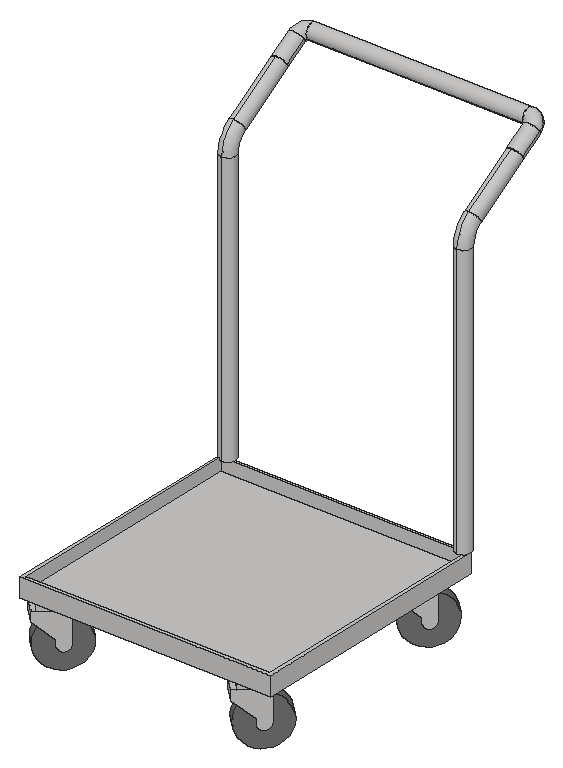
Revit family "QF_Vollrath_52290_cat", category Specialty Equipment, Revit 2016
Family settings
  Part Type = Normal
  Round Connector Dimension = Use Diameter
  OmniClass Number = 23.40.40.14.11
  OmniClass Title = Food Delivery Carts and Conveyors
  Work Plane-Based = No
  Always vertical = Yes
  Cut with Voids When Loaded = No
  Shared = No
  Room Calculation Point = No
Parameters (values of type "52290")
  Width = 20.00"
  Weight in Pounds = 11.34
  Watermarked By = "http://revitwatermark.com"
  URL Cutsheet = ""
  URL = ""
  Status [instance] = ""
  Specification by User [instance] = ""
  Specification by Manufacturer [instance] = ""
  Serial Number [instance] = ""
  Seismic Rating [instance] = ""
  Revision Code [instance] = ""
  NAFEM Spec ID Number [instance] = ""
  Model = "52290"
  Masterspec = ""
  Manufacturer = "Vollrath"
  Item Number [instance] = "-"
  Installed By [instance] = ""
  Identify Quantity as Lot [instance] = no
  Furnished By [instance] = ""
  Foodservice Equipment Identifier [instance] = yes
  Description = "Dolly, Dishrack"
  Depth = 28.00"
  CSI MasterFormat = "11 48 13"
  Assembly Code = "E1090320"
Reference planes (in)
  plane 1 "BACK": y = 0
  plane 2: z = 0
  plane 3 "LEFT": x = 0
  plane 4 "RIGHT": x = 20
  plane 5 "FRONT": y = -28
  plane 6: y = -8
  plane 7: y = -8.25
  plane 8: x = 19.75
  plane 9: y = -27.75
  plane 10: x = 0.25
  plane 11: z = 5
  plane 12: z = 6.5
  plane 13: z = 34.5
  plane 14: x = 0.6066
  plane 15: x = 19.3934
Forms (in)
  Extrusion 1, solid, material "QF_Finishes_Stainless Steel"
    sketch origin (0, 0, 16.75) x (-1, 0, 0) y (0, -1, 0)
      loop
        line (0, 8) -> (0, 28) -> (-20, 28) -> (-20, 8) -> (0, 8)
      loop
        line (-0.25, 8.25) -> (-0.25, 27.75) -> (-19.75, 27.75) -> (-19.75, 8.25) -> (-0.25, 8.25)
    from -11.25 to -10.25
  Extrusion 2, solid, material "QF_Finishes_Stainless Steel"
    sketch origin (0, 0, 16.75) x (-1, 0, 0) y (0, -1, 0)
      loop
        line (0, 8) -> (0, 28) -> (-20, 28) -> (-20, 8) -> (0, 8)
    from -11.75 to -11.25
  Sweep 3, solid, material "QF_Finishes_Stainless Steel"
    path origin (0.6066, 0, 0) x (0, 1, 0) y (0, 0, 1)
      loop
        line (-8, 6.5) -> (-8, 28.23614)
        arc (-8, 28.23614) -> (-7.75834, 29.17056) -> (-7.09397, 29.87067) r 1.9274
        line (-7.09397, 29.87067) -> (-2.85954, 32.51663)
    profile origin (0.6066, -8, 17.36807) x (0, -1, 0) y (1, 0, 0)
      loop
        circle (0, 0) r 0.6066
  Sweep 4, solid, material "QF_Finishes_Stainless Steel"
    path origin (0, -0.51851, 33.97615) x (0, 0.848048, 0.529919) y (-1, 0, 0)
      loop
        line (-2.75, -0.6066) -> (-0.75, -0.6066)
        arc (-0.75, -0.6066) -> (-0.21967, -0.82627) -> (0, -1.3566) r 0.75
        line (0, -1.3566) -> (0, -18.6434)
        arc (0, -18.6434) -> (-0.21967, -19.17373) -> (-0.75, -19.3934) r 0.75
        line (-0.75, -19.3934) -> (-2.75, -19.3934)
    profile origin (0.6066, -2.0026, 33.04879) x (-1, 0, 0) y (0, -0.529919, 0.848048)
      loop
        circle (0, 0) r 0.61
  Sweep 5, solid, material "QF_Finishes_Stainless Steel"
    path origin (19.3934, 0, 0) x (0, 1, 0) y (0, 0, 1)
      loop
        line (-8, 6.5) -> (-8, 28.23614)
        arc (-8, 28.23614) -> (-7.75834, 29.17056) -> (-7.09397, 29.87067) r 1.9274
        line (-7.09397, 29.87067) -> (-2.85954, 32.51663)
    profile origin (19.3934, -8, 17.36807) x (0, -1, 0) y (1, 0, 0)
      loop
        circle (0, 0) r 0.6066
Cuts and joins
  joined: Extrusion 1, Extrusion 2
Lines and regions (in)
  symbolic lines
    curve 1: line (0, -28, 16.75) -> (0, -1.08513, 16.75)
    curve 2: line (20, -1.00059, 16.75) -> (20, -8, 16.75)
    curve 3: line (18.78679, -8, 16.75) -> (18.78679, -1.25, 16.75)
    curve 4: line (1.25, -1.5, 16.75) -> (1.25, -8, 16.75)
    curve 5: line (0, -28, 37.73045) -> (0, -1.08513, 37.73045)
    curve 6: arc (0, -1.08513, 37.73045) -> (0.36244, -0.21013, 37.73045) -> (1.23744, 0.15231, 37.73045) r 1.23744
    curve 7: line (1.23744, 0.15231, 37.73045) -> (18.8471, 0.15231, 37.73045)
    curve 8: arc (18.8471, 0.15231, 37.73045) -> (19.66232, -0.18537, 37.73045) -> (20, -1.00059, 37.73045) r 1.1529
    curve 9: line (18.78679, -1.25, 37.73045) -> (1.28679, -1.25, 37.73045)
    curve 10: line (1.28679, -1.25, 37.73045) -> (1.28679, -8, 37.73045)
    curve 11: line (0, -8, 37.73045) -> (20, -8, 37.73045)
    curve 12: line (20, -8, 37.73045) -> (20, -28, 37.73045)
    curve 13: line (20, -28, 37.73045) -> (0, -28, 37.73045)
Dimensions and locks (in)
  "Width": plane 3 "LEFT" to plane 4 "RIGHT"
  "Depth": plane 5 "FRONT" to plane 1 "BACK"
  plane 13 to level = 34.50"
  aligned and locked: level to plane 2
Automatic sketch dimensions
  Extrusion 1 sketch curve to plane 4 "RIGHT" = 0.00"
  Extrusion 1 sketch curve to plane 8 = 0.00"
  plane 7 to Extrusion 1 sketch curve = 0.00"
  Extrusion 1 sketch curve to plane 10 = 0.00"
  Extrusion 1 sketch curve to plane 3 "LEFT" = 0.00"
  plane 6 to Extrusion 1 sketch curve = 0.00"
  plane 9 to Extrusion 1 sketch curve = 0.00"
  plane 5 "FRONT" to Extrusion 1 sketch curve = 0.00"
  Extrusion 2 sketch curve to plane 4 "RIGHT" = 0.00"
  Extrusion 2 sketch curve to plane 3 "LEFT" = 0.00"
  plane 6 to Extrusion 2 sketch curve = 0.00"
  plane 5 "FRONT" to Extrusion 2 sketch curve = 0.00"
  Sweep 3 sketch curve to profile plane = 0.00"  (x2)
  Sweep 4 sketch curve to plane 15 = 0.00"
  Sweep 4 sketch curve to plane 14 = 0.00"
  Sweep 4 sketch curve to Sweep 4 sketch curve = 0.00"
  Sweep 4 sketch curve to Sweep 4 sketch curve = 2.00"  (x2)
  Sweep 4 sketch curve to Sweep 4 sketch curve = 0.75"
  Sweep 4 sketch curve to profile plane = 0.00"
  profile plane to Sweep 4 sketch curve = 0.00"
  Sweep 5 sketch curve to profile plane = 0.00"  (x2)
  Sweep 5 sketch curve to plane 6 = 0.00"
  Sweep 5 sketch curve to plane 12 = 0.00"
  Sweep 5 sketch curve to plane 6 = 0.90603"
  Sweep 5 sketch curve to Sweep 5 sketch curve = 1.9274"
  plane 1 "BACK" to Sweep 5 sketch curve = 2.85954"
  Sweep 5 sketch curve to plane 13 = 6.26386"
  Sweep 5 sketch curve to plane 13 = 1.98337"
  Sweep 3 sketch curve to plane 6 = 0.00"
  Sweep 3 sketch curve to plane 12 = 0.00"
  Sweep 3 sketch curve to plane 6 = 0.90603"
  Sweep 3 sketch curve to Sweep 3 sketch curve = 1.9274"
  plane 1 "BACK" to Sweep 3 sketch curve = 2.85954"
  Sweep 3 sketch curve to plane 13 = 6.26386"
  Sweep 3 sketch curve to plane 13 = 1.98337"
  curve 2 to plane 4 "RIGHT" = 0.00"
  plane 6 to curve 3 = 0.00"
  plane 6 to curve 4 = 0.00"
  curve 1 to plane 3 "LEFT" = 0.00"
  plane 6 to curve 2 = 0.00"
  plane 5 "FRONT" to curve 1 = 0.00"
  plane 15 to curve 3 = 0.6066"
  curve 4 to plane 14 = 0.6434"
  plane 1 "BACK" to curve 4 = 1.50"
  plane 1 "BACK" to curve 3 = 1.25"
  plane 1 "BACK" to curve 1 = 1.08513"
  plane 1 "BACK" to curve 2 = 1.00059"
  curve 5 to plane 3 "LEFT" = 0.00"
  plane 5 "FRONT" to curve 5 = 0.00"
  curve 12 to plane 4 "RIGHT" = 0.00"
  plane 6 to curve 11 = 0.00"
  curve 8 to plane 4 "RIGHT" = 0.00"
  plane 1 "BACK" to curve 10 = 1.25"
  curve 9 to curve 6 = 0.16487"
  curve 9 to curve 8 = 0.24941"
  curve 7 to plane 1 "BACK" = 0.15231"
  curve 8 to curve 9 = 0.0603"
  curve 10 to plane 14 = 0.68019"
  radius of Sweep 3 sketch curve = 0.6066"
  radius of Sweep 4 sketch curve = 0.61"
  radius of Sweep 5 sketch curve = 0.6066"
Nested families (in)
  nested 1: "FESCaster" at (1, -27, 0), type "FESCaster"
    with Height 5.00", Caster Radius 2.00"
  nested 2: "FESCaster" at (17, -27, 0), type "FESCaster"
    with Height 5.00", Caster Radius 2.00"
  nested 3: "FESCaster" at (1, -10.5, 0), type "FESCaster"
    with Height 5.00", Caster Radius 2.00"
  nested 4: "FESCaster" at (17, -10.5, 0), type "FESCaster"
    with Height 5.00", Caster Radius 2.00"
Definition of nested family "FESCaster"
  Parameters
    Watermarked By = "http://revitwatermark.com"
    Type Comments = "⍁⍉⌁⌀⏭⎽⌇⍠⌜⍉⎖⌥⌦⌯⍭⏊⍻⍿⍊⏵⍊⏗⏠⍴⎡⌈⎀⍠⌓⌤⏘⎐⍀⌐⏬⏁⎈⏍⏦⎒⏬⌝⍩⍇⌣〈⎫〉⎁⏊⍥⍖⍥⍝⍦⌖⍀⏌⏭⎝⎼⏷⏞⍻⏯⎽⏷⏞⍻⏯⎽⏷⎺⌻⎝⍎⌧⏷⏟⏿⌿⍜⍦⍤⌁⍬⏶⏎⍊⏚⏉⎞⌡⎀⎪⏈⌟⌿⍾⍼⌟⌿⌢⌞⏞⏝⌻⎸⎻⎷⎳⎻⎛⌞⌼⏚⍿⏸⍨⏷⍡⍺⏼⏅⎏⌽⌻⍽⎝⍮⎧⍏⏳⏲⎼⏈⏋⏙⎏⏽⏘⍹⏞⌜⏼⍴⏶⏮⏿⌁"
    Height [instance] = 6.00"
    Caster Radius [instance] = if(Height < 3.00", 1.00", (Height / 2) - 0.50")  # 2.50"
    Assembly Code = ""
  Reference planes (in)
    plane 1 "Center (Front/Back)": y = 0
    plane 2: z = 0
    plane 3 "Center (Left/Right)": x = 0
    plane 4: z = 6
    plane 5: z = 5.5
  Forms (in)
    Extrusion 1, solid
      sketch origin (-24.12131, -22.88887, 10.18833) x (0.707107, 0.707107, 0) y (0, 0, 1)
        loop
          line (34.98772, -7.68833) -> (34.98772, -4.93833) -> (34.48772, -4.93833) -> (34.39402, -4.68833) -> (32.39402, -4.68833) -> (32.39402, -5.43833) -> (33.98772, -7.34206) -> (33.98772, -7.68833)
          arc (33.98772, -7.68833) -> (34.48772, -8.18833) -> (34.98772, -7.68833) r 0.5
      from 0 to 1.75
    Extrusion 2, solid
      sketch origin (-24.32327, -23.09083, 13.31461) x (0.707107, 0.707107, 0) y (0, 0, 1)
        loop
          circle (34.77334, -10.81461) r 2.5
      from 0.375 to 1.375
    Extrusion 3, solid
      sketch origin (-7.24148, -8.48391, 0) x (0.707107, 0.707107, 0) y (0, 0, 1)
        loop
          line (10.61603, 5.5) -> (11.61603, 5.5) -> (11.61603, 6) -> (10.61603, 6) -> (10.61603, 5.5)
      from 0 to -1.75
  Lines and regions (in)
    symbolic lines
      curve 1: line (-1.26158, -0.51911, 0) -> (1.39007, 2.13254, 0)
      curve 2: line (-0.53429, -1.24639, 0) -> (2.11736, 1.40526, 0)
      curve 3: line (-1.26158, -0.51911, 0) -> (1.39007, 2.13254, 0)
      curve 4: line (-0.53429, -1.24639, 0) -> (2.11736, 1.40526, 0)
  Dimensions and locks (in)
    locked: plane 4 to plane 5 at 0.5
    "Height": plane 4 to level
    "Caster Radius": Extrusion 2 sketch curve to level
    "Caster Radius": Extrusion 1 sketch curve to level
    "Caster Radius": radius of Extrusion 2 sketch curve
    aligned and locked: plane 2 to level
    aligned and locked: Extrusion 3 to plane 5
    aligned and locked: plane 4 to Extrusion 3
    aligned and locked: plane 5 to Extrusion 1
  Automatic sketch dimensions
    plane 1 "Center (Front/Back)" to curve 3 = 0.51911"
    curve 3 to plane 3 "Center (Left/Right)" = 1.26158"
    plane 1 "Center (Front/Back)" to curve 1 = 0.51911"
    curve 1 to curve 3 = 0.00"  (x3)
    curve 4 to plane 3 "Center (Left/Right)" = 0.53429"
    curve 2 to curve 4 = 0.00"  (x2)
    plane 3 "Center (Left/Right)" to curve 3 = 1.39007"
    curve 1 to curve 4 = 0.72729"
    curve 2 to curve 1 = 0.72729"
    curve 4 to curve 2 = 0.00"  (x2)
    curve 2 to plane 1 "Center (Front/Back)" = 1.40526"
    curve 2 to curve 3 = 0.72729"
    plane 5 to Extrusion 1 sketch curve = 0.00"
    Extrusion 1 sketch curve to Extrusion 1 sketch curve = 1.5937"
    Extrusion 1 sketch curve to Extrusion 1 sketch curve = 2.00"
    Extrusion 1 sketch curve to Extrusion 1 sketch curve = 0.0937"
    Extrusion 1 sketch curve to Extrusion 1 sketch curve = 0.50"
    Extrusion 1 sketch curve to Extrusion 1 sketch curve = 0.34627"
    Extrusion 1 sketch curve to plane 5 = 0.75"
    Extrusion 1 sketch curve to plane 5 = 0.25"
    Extrusion 3 sketch curve to plane 5 = 0.00"
    plane 4 to Extrusion 3 sketch curve = 0.00"
    Extrusion 3 sketch curve to Extrusion 3 sketch curve = 1.00"
